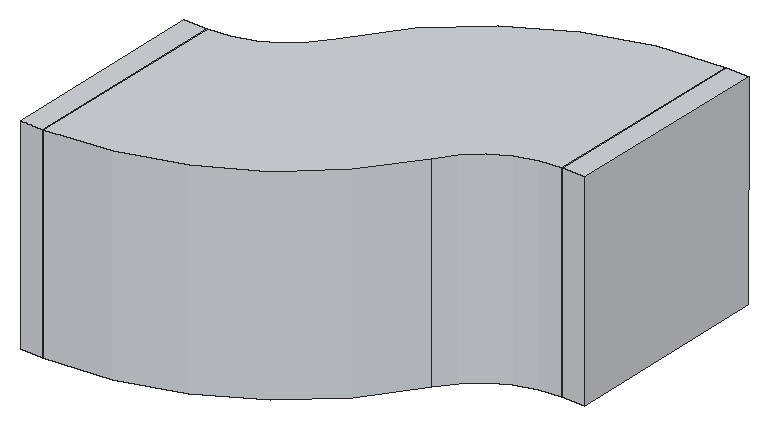
Revit family "3e868f68d7e045cab687d42185a4552b", category Duct Fittings, Revit 2021
Family settings
  Round Connector Dimension = Use Diameter
  Part Type = Offset
  OmniClass Number = 23.75.70.14
  OmniClass Title = Air Ductwork
  Seek Item ID = Rectangular Offset Radius - DTL-0000-USA-ENU
  Work Plane-Based = No
  Always vertical = Yes
  Cut with Voids When Loaded = No
  Shared = No
Parameters (values of type "Standard")
  Straight Out Visibility [instance] = Straight Out > 0' 0"  # yes
  Straight In Visibility [instance] = Straight In > 0' 0"  # yes
  Offset [instance] = Length * tan(Angle)  # 18"
  Straight Out 1 [instance] = if(Straight Out > 0' 0", Straight Out, 0' 1")  # 2"
  Length 1 [instance] = 10' 0" + Straight In + Straight Out + Length  # 155.17691"
  Straight In 1 [instance] = if(Straight In > 0' 0", Straight In, 0' 1")  # 2"
  Length [instance] = Radius * sin(Angle 1) * 2  # 31.17691"
  Radius 1 [instance] = Radius + 10' 0" - Radius * cos(Angle 1) * 2  # 120"
  Straight Out [instance] = 2"
  Straight In [instance] = 2"
  Width In [instance] = 18"
  Depth In [instance] = 18"
  Radius [instance] = if(Width In / 2 < Width In, Width In, (Width In + 0' 1"))  # 18"
  Default Elevation = 0' - 0"
  Angle 1 [instance] = Angle * 2  # 60.00°
  Angle [instance] = 30.00°
Reference planes (in)
  plane 1 "Center (Front/Back)": y = 0
  plane 2: z = 0
  plane 3 "Center (Left/Right)": x = 0
  plane 4: x = 2
  plane 5: y = 18
  plane 6: y = 0
  plane 7: x = 33.17691
  plane 8: x = 35.17691
  plane 9: y = 18
  plane 10: y = -120
  plane 11: x = -120
  plane 12: x = 2
  plane 13: x = 33.17691
Forms (in)
  Sweep 1, solid, detail levels medium+fine
    path in 3D
      loop
        arc (2, 0, 0) -> (11, 2.41154, 0) -> (17.58846, 9, 0) r 18
    profile origin (11, 2.41154, 0) x (-0.5, 0.866025, 0) y (0, 0, 1)
      loop
        line (-9, 9) -> (-9, -9) -> (9, -9) -> (9, 9) -> (-9, 9)
  Sweep 2, solid, detail levels medium+fine
    path in 3D
      loop
        arc (33.17691, 18, 0) -> (24.17691, 15.58846, 0) -> (17.58846, 9, 0) r 18
    profile origin (24.17691, 15.58846, 0) x (0.5, -0.866025, 0) y (0, 0, 1)
      loop
        line (9, 9) -> (-9, 9) -> (-9, -9) -> (9, -9) -> (9, 9)
  Extrusion 3, solid, visible <- "Straight Out Visibility", detail levels medium+fine
    sketch origin (0, 0, 0) x (0, 1, 0) y (0, 0, 1)
      loop
        line (27, 9) -> (9, 9) -> (9, -9) -> (27, -9) -> (27, 9)
    from 33.17691 to 35.17691
  Extrusion 4, solid, visible <- "Straight In Visibility", detail levels medium+fine
    sketch origin (0, 0, 0) x (0, 1, 0) y (0, 0, 1)
      loop
        line (9, 9) -> (-9, 9) -> (-9, -9) -> (9, -9) -> (9, 9)
    from 0 to 2
Cuts and joins
  joined: Sweep 1, Sweep 2
Lines and regions (in)
  model lines, detail levels coarse
    curve 1: arc (2, 0, 0) -> (11, 2.41154, 0) -> (17.58846, 9, 0) r 18
    curve 2: arc (33.17691, 18, 0) -> (24.17691, 15.58846, 0) -> (17.58846, 9, 0) r 18
  sketch lines
    curve 3: arc (2, 0, 0) -> (11, 2.41154, 0) -> (17.58846, 9, 0) r 18
    curve 6: arc (33.17691, 18, 0) -> (24.17691, 15.58846, 0) -> (17.58846, 9, 0) r 18
  model lines, visible <- "Straight In Visibility", detail levels coarse
    curve 4: line (2, 0, 0) -> (0, 0, 0)
  model lines, visible <- "Straight Out Visibility", detail levels coarse
    curve 5: line (33.17691, 18, 0) -> (35.17691, 18, 0)
Dimensions and locks (in)
  "Length": plane 4 to plane 7
  "Radius": plane 9 to plane 6
  "Radius": plane 5 to plane 1 "Center (Front/Back)"
  locked: plane 10 to plane 1 "Center (Front/Back)" at 120
  "Radius 1": plane 6 to plane 10
  equal spacing: Sweep 1 sketch curve, profile plane, Sweep 1 sketch curve  (x2)
  "Width In": Sweep 1 sketch curve to Sweep 1 sketch curve
  "Depth In": Sweep 1 sketch curve to Sweep 1 sketch curve
  equal spacing: Sweep 2 sketch curve, profile plane, Sweep 2 sketch curve  (x2)
  "Width In": Sweep 2 sketch curve to Sweep 2 sketch curve
  "Depth In": Sweep 2 sketch curve to Sweep 2 sketch curve
  locked: plane 11 to plane 3 "Center (Left/Right)" at 120
  "Length 1": plane 11 to plane 8
  "Straight In": plane 3 "Center (Left/Right)" to plane 4
  "Straight Out 1": plane 13 to plane 8
  "Straight In 1": plane 3 "Center (Left/Right)" to plane 12
  equal spacing: Extrusion 3 sketch curve, plane 9, Extrusion 3 sketch curve
  "Width In": Extrusion 3 sketch curve to Extrusion 3 sketch curve
  equal spacing: Extrusion 3 sketch curve, plane 2, Extrusion 3 sketch curve
  "Depth In": Extrusion 3 sketch curve to Extrusion 3 sketch curve
  equal spacing: Extrusion 4 sketch curve, plane 2, Extrusion 4 sketch curve
  "Depth In": Extrusion 4 sketch curve to Extrusion 4 sketch curve
  equal spacing: Extrusion 4 sketch curve, plane 1 "Center (Front/Back)", Extrusion 4 sketch curve
  "Width In": Extrusion 4 sketch curve to Extrusion 4 sketch curve
  "Radius": radius of curve 1
  "Radius": radius of curve 2
  "Angle 1": angle curve 1 to curve 1
  "Angle 1": angle curve 2 to curve 2
  aligned and locked: plane 4 to curve 1  (x2)
  aligned and locked: plane 3 "Center (Left/Right)" to curve 4
  aligned and locked: plane 8 to curve 5
  aligned and locked: curve 4 to plane 1 "Center (Front/Back)"
  aligned and locked: plane 8 to Extrusion 3
  aligned and locked: Extrusion 3 to plane 13
  aligned and locked: Extrusion 4 to plane 3 "Center (Left/Right)"
  aligned and locked: plane 12 to Extrusion 4
  aligned and locked: plane 13 to curve 5
Connectors (in)
  hvac at (0, 0, 0), driven by "Depth In", driven by "Width In"
    settings: on Extrusion 4, index 1, duct flow 0 CFM, flow factor 0, pres drop 0.00 in-wg, loss coef 0, conn angle 0.00°, conn width 18", conn height 18", conn diameter 24", duct sys type 28, conn prof type 1, flow config 0, flow direction 0, loss method 0, conn ref index 2, conn util no, is conn primary yes, conn desc ""
  hvac at (35.17691, 18, 0), driven by "Depth In", driven by "Width In"
    settings: on Extrusion 3, index 2, duct flow 0 CFM, flow factor 0, pres drop 0.00 in-wg, loss coef 0, conn angle 0.00°, conn width 18", conn height 18", conn diameter 24", duct sys type 28, conn prof type 1, flow config 0, flow direction 0, loss method 0, conn ref index 1, conn util no, is conn primary no, conn desc ""
